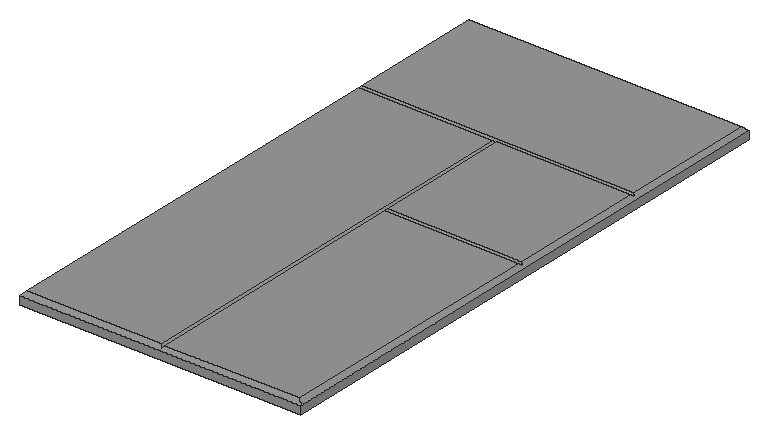
Revit family "PANES-2X4", category Generic Models, Revit 2026
Family settings
  Can host rebar = No
  Round Connector Dimension = Use Diameter
  Part Type = Normal
  Work Plane-Based = No
  Always vertical = Yes
  Cut with Voids When Loaded = No
  Maintain Annotation Orientation = No
  Shared = No
  Room Calculation Point = No
Parameters (values of type "STANDARD - CUSTOM PAINTED")
  URL = "https://www.acousticalsurfaces.com/envirocoustic-wood-wool/designs/"
  Thickness = 0' - 1"
  Material = "Envirocoustic Wood Wool"
  Manufacturer = "Acoustical Surfaces, Inc."
  Finish = Custom Painted
  Default Elevation = 0' - 0"
  Backer Thickness = 0' - 1"
  Backer = no
Types (9): name | Finish | Backer Thickness | Backer
  STANDARD - CUSTOM PAINTED | Custom Painted | 0' - 1" | no
  STANDARD - PRIMED WHITE | Primed White | 0' - 1" | no
  STANDARD - PRIMED CLEAR | Primed Clear | 0' - 1" | no
  2 INCH CFAB BACKER - PRIMED WHITE | Primed White | 0' - 2" | yes
  1 INCH CFAB BACKER - PRIMED WHITE | Primed White | 0' - 1" | yes
  2 INCH CFAB BACKER - PRIMED CLEAR | Primed Clear | 0' - 2" | yes
  1 INCH CFAB BACKER - PRIMED CLEAR | Primed Clear | 0' - 1" | yes
  2 INCH CFAB BACKER - CUSTOM PAINTED | Custom Painted | 0' - 2" | yes
  1 INCH CFAB BACKER - CUSTOM PAINTED | Custom Painted | 0' - 1" | yes
Reference planes (in)
  plane 1 "Center (Front/Back)": y = 0
  plane 2: z = 0
  plane 3 "Center (Left/Right)": x = 0
  plane 4: x = -12
  plane 5: x = 12
  plane 6: y = 24
  plane 7: y = -24
  plane 8: z = 1
  plane 9: z = -1
Forms (in)
  Extrusion 1, solid, material "Custom Painted" <- "Finish"
    sketch origin (0, 0, 0) x (1, 0, 0) y (0, 1, 0)
      loop
        line (12, 24) -> (-12, 24) -> (-12, -24) -> (12, -24) -> (12, 24)
    from 0 to 1
  Sweep 2, void
    path in 3D
      loop
        line (12, 24, 1) -> (-12, 24, 1) -> (-12, -24, 1) -> (12, -24, 1) -> (12, 24, 1)
    profile "Triangle : Family2" origin (12, 0, 1) x (-1, 0, 0) y (0, 0, 1)
      loop
        line (0, 0) -> (0, -0.315) -> (0.315, 0) -> (0, 0)
  Extrusion 3, solid, visible <- "Backer"
    sketch origin (0, 0, 0) x (1, 0, 0) y (0, 1, 0)
      loop
        line (12, 24) -> (-12, 24) -> (-12, -24) -> (12, -24) -> (12, 24)
    from 0 to -1
  Sweep 4, void
    path origin (0, 0, 1) x (1, 0, 0) y (0, 1, 0)
      loop
        line (12, 12) -> (-12, 12)
    profile "Groove : Family2" origin (0, 12, 1) x (0, -1, 0) y (0, 0, 1)
      loop
        line (-0.1575, 0) -> (0, -0.1575) -> (0.1575, 0) -> (-0.1575, 0)
  Sweep 5, void
    path origin (0, 0, 1) x (1, 0, 0) y (0, 1, 0)
      loop
        line (0, 12) -> (0, -24)
    profile "Groove : Family2" origin (0, -6, 1) x (1, 0, 0) y (0, 0, 1)
      loop
        line (-0.1575, 0) -> (0, -0.1575) -> (0.1575, 0) -> (-0.1575, 0)
  Sweep 6, void
    path origin (0, 0, 1) x (1, 0, 0) y (0, 1, 0)
      loop
        line (12, 0) -> (0, 0)
    profile "Groove : Family2" origin (6, 0, 1) x (0, -1, 0) y (0, 0, 1)
      loop
        line (-0.1575, 0) -> (0, -0.1575) -> (0.1575, 0) -> (-0.1575, 0)
Cuts and joins
  Sweep 2, Sweep 4, Sweep 5, Sweep 6 cuts Extrusion 1
Lines and regions (in)
  sketch lines
    curve 1: line (12, -24, 1) -> (12, 24, 1)
    curve 2: line (-12, -24, 1) -> (12, -24, 1)
    curve 3: line (-12, 24, 1) -> (-12, -24, 1)
    curve 4: line (12, 24, 1) -> (-12, 24, 1)
Dimensions and locks (in)
  equal spacing: plane 4, plane 3 "Center (Left/Right)", plane 5
  equal spacing: plane 7, plane 1 "Center (Front/Back)", plane 6
  plane 7 to plane 6 = 4' - 0"
  locked: plane 4 to plane 5 at 24
  "Thickness": plane 8 to level
  "Backer Thickness": level to plane 9
  aligned and locked: level to plane 2
  aligned and locked: Extrusion 1 sketch curve to plane 4
  aligned and locked: plane 5 to Extrusion 1 sketch curve
  aligned and locked: Extrusion 1 sketch curve to plane 6
  aligned and locked: Extrusion 1 sketch curve to plane 7
  aligned and locked: Extrusion 1 to plane 8
  aligned and locked: Extrusion 3 sketch curve to plane 4
  aligned and locked: plane 5 to Extrusion 3 sketch curve
  aligned and locked: Extrusion 3 sketch curve to plane 6
  aligned and locked: Extrusion 3 sketch curve to plane 7
  aligned and locked: plane 9 to Extrusion 3
